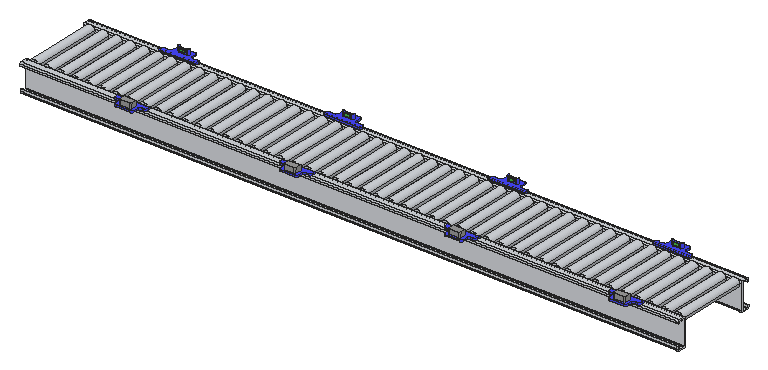
Revit family "C351-2", category Specialty Equipment, Revit 2025
Family settings
  Round Connector Dimension = Use Diameter
  Part Type = Normal
  Work Plane-Based = No
  Enable Cutting in Views = No
  Always vertical = Yes
  Cut with Voids When Loaded = No
  Maintain Annotation Orientation = No
  Shared = No
  Room Calculation Point = No
Parameters (values of type "C351- 18"")
  Weight [instance] = 0
  Version = ""
  Subsystem [instance] = ""
  Special_Part_Number [instance] = ""
  Special_Description [instance] = ""
  Special_Bed [instance] = no
  Segment [instance] = ""
  SIO_Block_Number [instance] = ""
  SENSOR_ARRY_NUM [instance] = round(CLR_BED_LENGTH / CLR_ZONES)  # 4
  SENSOR_ARRY [instance] = CLR_ZONES + CLR_SENSOR_SKEW  # 4' - 4"
  PHOTO_EYE_ARRAY [instance] = CLR_ZONES + CLR_PhotoEye_SP  # 4' - 0"
  Material_Number [instance] = ""
  MCP [instance] = ""
  Lookup Table Name BCL [instance] = "BOTTOM_COVER_BCL"
  Lookup Table Name BCAN [instance] = "BOTTOM_COVER_ARRAY_NUM"
  Lookup Table Name [instance] = "PHOTO_EYE"
  Load_Envelope_Height [instance] = 1' - 0"
  Load_Envelope [instance] = no
  IO_Block_Number [instance] = ""
  Field_Cut [instance] = no
  Estop_Zone [instance] = ""
  Error_State [instance] = no
  Default Elevation = 0' - 0"
  Conveyor_Number [instance] = "100"
  Conveyor_Elevation_Out [instance] = Conveyor_Elevation_In  # 5' - 0"
  Conveyor_Elevation_In [instance] = 5' - 0"
  CLR_ZONE_CONTROL = "N"
  CLR_ZONES [instance] = 3' - 0"
  CLR_VFD = no
  CLR_TE_POSITION = "N"
  CLR_TAKE_UP_SPRING_QUANTITY = 0
  CLR_TAKE_UP = "N"
  CLR_SUBCLASS = ""
  CLR_SPRING_COVER [instance] = no
  CLR_SPEED_FPM = 0
  CLR_SLAVE_RATIO = "N"
  CLR_SENSOR_SKEW [instance] = size_lookup(Lookup Table Name, "CSS", CLR_PhotoEye_SP, CLR_NOMINAL_WIDTH, CLR_ZONES, CLR_SENSOR_ANGLE)  # 1' - 4"
  CLR_SENSOR_MOUNT [instance] = "Side"
  CLR_SENSOR_HAND [instance] = "Left"
  CLR_SENSOR_ANGLE [instance] = 9.00°
  CLR_ROLLER_NUM [instance] = CLR_BED_LENGTH / CLR_ROLLER_CENTER  # 48
  CLR_ROLLER_CENTER [instance] = 0' - 3"
  CLR_PhotoEye_SP [instance] = if(CLR_ZONES = 3' 0", 1' 0", if(CLR_ZONES = 2' 0", 0' 8", 0' 8"))  # 1' - 0"
  CLR_PULLEY_TYPE = "N"
  CLR_POPOUT_CARRYING_ROLLERS [instance] = no
  CLR_NOMINAL_WIDTH + 1" [instance] = CLR_NOMINAL_WIDTH + 0' 1"  # 1' - 7"
  CLR_NOMINAL_WIDTH  -2.5" [instance] = CLR_NOMINAL_WIDTH - 0' 2 1/2"  # 1' - 3 1/2"
  CLR_NOMINAL_WIDTH = 1' - 6"
  CLR_MOTOR_VOLTAGE = "N"
  CLR_MOTOR_TYPE = "N"
  CLR_MOTOR_HP = 0
  CLR_MODULE = ""
  CLR_LIFTER_ROLLER_CENTER [instance] = 0' - 6"
  CLR_FINGER_GUARD [instance] = no
  CLR_DRIVE_TRAIN_TYPE = "N"
  CLR_DRIVE_SIZE = 0
  CLR_CONTROL_VOLTAGE = "N"
  CLR_CONTROL_DEVICE = "N"
  CLR_CONNECTION_KIT = "N"
  CLR_CARRYING_ROLLER [instance] = "Standard\r\nStandard\r\nStandard"
  CLR_BOTTOM_COVERS [instance] = no
  CLR_BED_LENGTH [instance] = if(Bed_Length < 2' 0", 2' 0", if(Bed_Length > 12' 0", 12' 0", Bed_Length))  # 12' - 0"
  CLR_ASSEMBLY_HAND = "N"
  CLR_AIR_BRAKE = 0
  Belting [instance] = 0' - 8"
  Bed_Length [instance] = 12' - 0"
  BOTTOM_COVER_ARRAY_NUM [instance] = size_lookup(Lookup Table Name BCAN, "BCAN", 1, CLR_BED_LENGTH)  # 4
  BOTTOM_COVERS_LOCATION [instance] = BOTTOM_COVERS_LENGTH + BOTTOM_COVERS_LENGTH / 2  # 4' - 6"
  BOTTOM_COVERS_LENGTH [instance] = size_lookup(Lookup Table Name BCL, "BCL", 2' 0", CLR_BED_LENGTH, BOTTOM_COVER_ARRAY_NUM)  # 3' - 0"
  Asset ID [instance] = ""
  Air_Consumption [instance] = 0
Types (6): name | SENSOR_ARRY | Conveyor_Elevation_Out | Conveyor_Elevation_In | CLR_SENSOR_SKEW | CLR_NOMINAL_WIDTH + 1" | CLR_NOMINAL_WIDTH  -2.5" | CLR_NOMINAL_WIDTH
  (no name) | 4' - 4" | 5' - 0" | 5' - 0" | 1' - 4" | 1' - 7" | 1' - 3 1/2" | 1' - 6"
  C351- 18" | 4' - 4" | 5' - 0" | 5' - 0" | 1' - 4" | 1' - 7" | 1' - 3 1/2" | 1' - 6"
  C351- 24" | 4' - 4" | 2' - 7 51/256" | 2' - 7 51/256" | 1' - 4" | 2' - 1" | 1' - 9 1/2" | 2' - 0"
  C351- 30" | 4' - 6" | 2' - 7 51/256" | 2' - 7 51/256" | 1' - 6" | 2' - 7" | 2' - 3 1/2" | 2' - 6"
  C351- 36" | 4' - 6" | 2' - 7 51/256" | 2' - 7 51/256" | 1' - 6" | 3' - 1" | 2' - 9 1/2" | 3' - 0"
  C351- 42" | 4' - 8" | 2' - 7 51/256" | 2' - 7 51/256" | 1' - 8" | 3' - 7" | 3' - 3 1/2" | 3' - 6"
Reference planes (in)
  plane 1 "Centerline": y = 0
  plane 2: z = 0
  plane 3 "Entry_End": x = 0
  plane 4 "Top_of_Roller": z = 60
  plane 5 "Top_of_SideFrame": z = 59.71
  plane 6 "Bot_of_SideFrame": z = 53.71
  plane 7 "LH_Out": y = 9.5
  plane 8 "RH_Out": y = -9.5
  plane 9 "RH_In": y = -7.75
  plane 10 "LH_In": y = 7.75
  plane 11 "Exit_End": x = 144
  plane 12 "PhotoEye_SP": x = 132
  plane 13 "Sensor_Skew": x = 128
  plane 14: x = 60.81944
  plane 15: y = -38.13976
  plane 16: z = 60
  plane 17: z = 72
  plane 18: y = -7.75
  plane 19: y = 7.75
Forms (in)
  Extrusion 1, solid, detail levels coarse+medium
    sketch origin (0, 0, 0) x (0, 1, 0) y (0, 0, 1)
      loop
        line (9.5, 59.71) -> (-9.5, 59.71) -> (-9.5, 53.71) -> (9.5, 53.71) -> (9.5, 59.71)
    from 0 to 144
  Extrusion 2, solid, material "Load Envelope", visible <- "Load_Envelope"
    sketch origin (0, 0, 0) x (0, 1, 0) y (0, 0, 1)
      loop
        line (7.75, 72) -> (-7.75, 72) -> (-7.75, 60) -> (7.75, 60) -> (7.75, 72)
    from 0 to 144
Lines and regions (in)
  model lines, style "Belt"
    curve 1: line (0, 4, 60) -> (144, 4, 60)
    curve 2: line (0, -4, 60) -> (0, 4, 60)
    curve 3: line (144, -4, 60) -> (0, -4, 60)
    curve 4: line (144, 4, 60) -> (144, -4, 60)
  model lines, style "Centerline"
    curve 5: line (0, 0, 60) -> (144, 0, 60)
  model lines, style "Flow Arrow", not visible
    curve 6: line (108.81944, -38.13976, 30) -> (132.81944, -38.13976, 30)
    curve 7: line (132.81944, -38.13976, 30) -> (122.42713, -32.13976, 30)
    curve 8: line (132.81944, -38.13976, 30) -> (122.42713, -44.13976, 30)
Dimensions and locks (in)
  equal spacing: plane 10 "LH_In", plane 1 "Centerline", plane 9 "RH_In"
  "CLR_NOMINAL_WIDTH  -2.5"": plane 10 "LH_In" to plane 9 "RH_In"
  equal spacing: plane 7 "LH_Out", plane 1 "Centerline", plane 8 "RH_Out"
  "CLR_NOMINAL_WIDTH + 1"": plane 7 "LH_Out" to plane 8 "RH_Out"
  "Conveyor_Elevation_In": plane 4 "Top_of_Roller" to level
  locked: plane 4 "Top_of_Roller" to plane 5 "Top_of_SideFrame" at 0.29
  locked: plane 5 "Top_of_SideFrame" to plane 6 "Bot_of_SideFrame" at 6
  locked: nested 1 to plane 6 "Bot_of_SideFrame"
  locked: nested 1 to plane 10 "LH_In"
  locked: plane 6 "Bot_of_SideFrame" to nested 2
  locked: plane 9 "RH_In" to nested 2
  locked: plane 3 "Entry_End" to nested 3 at 1.5
  locked: plane 4 "Top_of_Roller" to nested 3
  equal spacing: group 1, group 2, group 3, group 4, group 5, group 6, group 7, group 8, group 14, group 15, group 16, group 17, group 18, group 19, group 20, group 21, group 22, group 23, group 24, group 25, group 26, group 27, group 28, group 29, group 30, group 31, group 32, group 33, group 34, group 35, group 36, group 37, group 38, group 39, group 40, group 41, group 42, group 43, group 44, group 45, group 46, group 47, group 48, group 49, group 50, group 51, group 52, group 53  (x2)
  equal spacing: group 53, group 52, group 51, group 50, group 49, group 48, group 47, group 46, group 45, group 44, group 43, group 42, group 41, group 40, group 39, group 38, group 37, group 36, group 35, group 34, group 33, group 32, group 31, group 30, group 29, group 28, group 27, group 26, group 25, group 24, group 23, group 22, group 21, group 20, group 19, group 18, group 17, group 16, group 15, group 14, group 8, group 7, group 6, group 5, group 4, group 3, group 2, group 1
  locked: plane 3 "Entry_End" to nested 4 at 4.5
  "CLR_BED_LENGTH": plane 3 "Entry_End" to plane 11 "Exit_End"
  "CLR_PhotoEye_SP": plane 11 "Exit_End" to plane 12 "PhotoEye_SP"
  "CLR_SENSOR_SKEW": plane 11 "Exit_End" to plane 13 "Sensor_Skew"
  equal spacing: group 55, group 54, group 10, group 9  (x3)
  "SENSOR_ARRY": nested 12 to plane 11 "Exit_End"
  locked: plane 5 "Top_of_SideFrame" to nested 11
  locked: plane 8 "RH_Out" to nested 13
  equal spacing: group 57, group 56, group 12, group 11  (x2)
  equal spacing: group 11, group 12, group 56, group 57
  "PHOTO_EYE_ARRAY": nested 14 to plane 11 "Exit_End"
  locked: plane 5 "Top_of_SideFrame" to nested 13
  equal spacing: curve 3, plane 1 "Centerline", curve 1
  "Belting": curve 3 to curve 1
  equal spacing: plane 19, plane 1 "Centerline", plane 18
  "CLR_NOMINAL_WIDTH  -2.5"": plane 19 to plane 18
  "Load_Envelope_Height": plane 17 to plane 16
  locked: plane 8 "RH_Out" to nested 58
  locked: nested 56 to plane 7 "LH_Out"
  locked: plane 3 "Entry_End" to nested 59
  equal spacing: group 58, group 59, group 60, group 61  (x2)
  equal spacing: group 61, group 60, group 59, group 58
  "BOTTOM_COVERS_LOCATION": nested 60 to plane 3 "Entry_End"
  aligned and locked: level to plane 2
  aligned and locked: plane 3 "Entry_End" to nested 1
  aligned and locked: plane 3 "Entry_End" to nested 2
  aligned and locked: plane 1 "Centerline" to nested 3
  aligned and locked: plane 13 "Sensor_Skew" to nested 11
  aligned and locked: plane 7 "LH_Out" to nested 11
  aligned and locked: plane 12 "PhotoEye_SP" to nested 13
  aligned and locked: plane 3 "Entry_End" to curve 2
  aligned and locked: curve 4 to plane 11 "Exit_End"
  aligned and locked: Extrusion 1 to plane 7 "LH_Out"
  aligned and locked: plane 5 "Top_of_SideFrame" to Extrusion 1
  aligned and locked: Extrusion 1 to plane 6 "Bot_of_SideFrame"
  aligned and locked: plane 11 "Exit_End" to Extrusion 1
  aligned and locked: plane 4 "Top_of_Roller" to plane 16
  aligned and locked: plane 17 to Extrusion 2 sketch curve
  aligned and locked: plane 10 "LH_In" to Extrusion 2 sketch curve
  aligned and locked: Extrusion 2 sketch curve to nested 3  (x2)
  aligned and locked: plane 11 "Exit_End" to Extrusion 2
  aligned and locked: plane 4 "Top_of_Roller" to nested 54
  aligned and locked: plane 5 "Top_of_SideFrame" to nested 56
  aligned and locked: plane 5 "Top_of_SideFrame" to nested 58
  aligned and locked: nested 59 to plane 6 "Bot_of_SideFrame"
  aligned and locked: plane 1 "Centerline" to nested 59
  aligned and locked: nested 62 to plane 6 "Bot_of_SideFrame"
Automatic sketch dimensions
  plane 9 "RH_In" to Extrusion 1 sketch curve = 0' - 1 3/4"
  Extrusion 1 sketch curve to plane 10 "LH_In" = 0' - 1 3/4"
  Extrusion 1 sketch curve to plane 6 "Bot_of_SideFrame" = 0' - 0"
  plane 6 "Bot_of_SideFrame" to Extrusion 1 sketch curve = 0' - 6"
  plane 1 "Centerline" to curve 5 = 0' - 0"
Nested families (in)
  nested 1: "SW0024A" at (72, 8.625, 29.71) x (0, -1, 0) z (0, 0, 1), Bed_Length <- "CLR_BED_LENGTH", type "SW0024A", detail levels fine
    with Conveyor_Elevation_In 2' - 6", Bed_Length 12' - 0"
  nested 2: "SW0023A" at (72, -8.625, 29.71) x (0, -1, 0) z (0, 0, 1), Bed_Length <- "CLR_BED_LENGTH", type "SW0023A", detail levels fine
    with Conveyor_Elevation_In 2' - 6", Bed_Length 12' - 0"
  nested 3: "SW0289" at (1.5, 0, 30), B <- "CLR_NOMINAL_WIDTH  -2.5"", type "SW0289", detail levels fine
    with Conveyor_Elevation_In 2' - 6", B 1' - 3 1/2"
  nested 4: "SW0289" at (4.5, 0, 30), B <- "CLR_NOMINAL_WIDTH  -2.5"", type "SW0289", detail levels fine
    with Conveyor_Elevation_In 2' - 6", B 1' - 3 1/2"
  nested 5: "SW0289" at (7.5, 0, 30), B <- "CLR_NOMINAL_WIDTH  -2.5"", type "SW0289", detail levels fine
    with Conveyor_Elevation_In 2' - 6", B 1' - 3 1/2"
  nested 6: "SW0289" at (10.5, 0, 30), B <- "CLR_NOMINAL_WIDTH  -2.5"", type "SW0289", detail levels fine
    with Conveyor_Elevation_In 2' - 6", B 1' - 3 1/2"
  nested 7: "SW0289" at (13.5, 0, 30), B <- "CLR_NOMINAL_WIDTH  -2.5"", type "SW0289", detail levels fine
    with Conveyor_Elevation_In 2' - 6", B 1' - 3 1/2"
  nested 8: "SW0289" at (16.5, 0, 30), B <- "CLR_NOMINAL_WIDTH  -2.5"", type "SW0289", detail levels fine
    with Conveyor_Elevation_In 2' - 6", B 1' - 3 1/2"
  nested 9: "SW0289" at (19.5, 0, 30), B <- "CLR_NOMINAL_WIDTH  -2.5"", type "SW0289", detail levels fine
    with Conveyor_Elevation_In 2' - 6", B 1' - 3 1/2"
  nested 10: "SW0289" at (22.5, 0, 30), B <- "CLR_NOMINAL_WIDTH  -2.5"", type "SW0289", detail levels fine
    with Conveyor_Elevation_In 2' - 6", B 1' - 3 1/2"
  nested 11: "SW0014" at (128, 9.5, 29.99906), type "SW0014"
  nested 12: "SW0014" at (92, 9.5, 29.99906), type "SW0014"
  nested 13: "SW0037-01" at (132, -9.5, 29.99906), type "SW0037-01"
    with Conveyor_Elevation_In 2' - 5 91/128"
  nested 14: "SW0037-01" at (96, -9.5, 29.99906), type "SW0037-01"
    with Conveyor_Elevation_In 2' - 5 91/128"
  nested 15: "SW0289" at (25.5, 0, 30), B <- "CLR_NOMINAL_WIDTH  -2.5"", type "SW0289", detail levels fine
    with Conveyor_Elevation_In 2' - 6", B 1' - 3 1/2"
  nested 16: "SW0289" at (28.5, 0, 30), B <- "CLR_NOMINAL_WIDTH  -2.5"", type "SW0289", detail levels fine
    with Conveyor_Elevation_In 2' - 6", B 1' - 3 1/2"
  nested 17: "SW0289" at (31.5, 0, 30), B <- "CLR_NOMINAL_WIDTH  -2.5"", type "SW0289", detail levels fine
    with Conveyor_Elevation_In 2' - 6", B 1' - 3 1/2"
  nested 18: "SW0289" at (34.5, 0, 30), B <- "CLR_NOMINAL_WIDTH  -2.5"", type "SW0289", detail levels fine
    with Conveyor_Elevation_In 2' - 6", B 1' - 3 1/2"
  nested 19: "SW0289" at (37.5, 0, 30), B <- "CLR_NOMINAL_WIDTH  -2.5"", type "SW0289", detail levels fine
    with Conveyor_Elevation_In 2' - 6", B 1' - 3 1/2"
  nested 20: "SW0289" at (40.5, 0, 30), B <- "CLR_NOMINAL_WIDTH  -2.5"", type "SW0289", detail levels fine
    with Conveyor_Elevation_In 2' - 6", B 1' - 3 1/2"
  nested 21: "SW0289" at (43.5, 0, 30), B <- "CLR_NOMINAL_WIDTH  -2.5"", type "SW0289", detail levels fine
    with Conveyor_Elevation_In 2' - 6", B 1' - 3 1/2"
  nested 22: "SW0289" at (46.5, 0, 30), B <- "CLR_NOMINAL_WIDTH  -2.5"", type "SW0289", detail levels fine
    with Conveyor_Elevation_In 2' - 6", B 1' - 3 1/2"
  nested 23: "SW0289" at (49.5, 0, 30), B <- "CLR_NOMINAL_WIDTH  -2.5"", type "SW0289", detail levels fine
    with Conveyor_Elevation_In 2' - 6", B 1' - 3 1/2"
  nested 24: "SW0289" at (52.5, 0, 30), B <- "CLR_NOMINAL_WIDTH  -2.5"", type "SW0289", detail levels fine
    with Conveyor_Elevation_In 2' - 6", B 1' - 3 1/2"
  nested 25: "SW0289" at (55.5, 0, 30), B <- "CLR_NOMINAL_WIDTH  -2.5"", type "SW0289", detail levels fine
    with Conveyor_Elevation_In 2' - 6", B 1' - 3 1/2"
  nested 26: "SW0289" at (58.5, 0, 30), B <- "CLR_NOMINAL_WIDTH  -2.5"", type "SW0289", detail levels fine
    with Conveyor_Elevation_In 2' - 6", B 1' - 3 1/2"
  nested 27: "SW0289" at (61.5, 0, 30), B <- "CLR_NOMINAL_WIDTH  -2.5"", type "SW0289", detail levels fine
    with Conveyor_Elevation_In 2' - 6", B 1' - 3 1/2"
  nested 28: "SW0289" at (64.5, 0, 30), B <- "CLR_NOMINAL_WIDTH  -2.5"", type "SW0289", detail levels fine
    with Conveyor_Elevation_In 2' - 6", B 1' - 3 1/2"
  nested 29: "SW0289" at (67.5, 0, 30), B <- "CLR_NOMINAL_WIDTH  -2.5"", type "SW0289", detail levels fine
    with Conveyor_Elevation_In 2' - 6", B 1' - 3 1/2"
  nested 30: "SW0289" at (70.5, 0, 30), B <- "CLR_NOMINAL_WIDTH  -2.5"", type "SW0289", detail levels fine
    with Conveyor_Elevation_In 2' - 6", B 1' - 3 1/2"
  nested 31: "SW0289" at (73.5, 0, 30), B <- "CLR_NOMINAL_WIDTH  -2.5"", type "SW0289", detail levels fine
    with Conveyor_Elevation_In 2' - 6", B 1' - 3 1/2"
  nested 32: "SW0289" at (76.5, 0, 30), B <- "CLR_NOMINAL_WIDTH  -2.5"", type "SW0289", detail levels fine
    with Conveyor_Elevation_In 2' - 6", B 1' - 3 1/2"
  nested 33: "SW0289" at (79.5, 0, 30), B <- "CLR_NOMINAL_WIDTH  -2.5"", type "SW0289", detail levels fine
    with Conveyor_Elevation_In 2' - 6", B 1' - 3 1/2"
  nested 34: "SW0289" at (82.5, 0, 30), B <- "CLR_NOMINAL_WIDTH  -2.5"", type "SW0289", detail levels fine
    with Conveyor_Elevation_In 2' - 6", B 1' - 3 1/2"
  nested 35: "SW0289" at (85.5, 0, 30), B <- "CLR_NOMINAL_WIDTH  -2.5"", type "SW0289", detail levels fine
    with Conveyor_Elevation_In 2' - 6", B 1' - 3 1/2"
  nested 36: "SW0289" at (88.5, 0, 30), B <- "CLR_NOMINAL_WIDTH  -2.5"", type "SW0289", detail levels fine
    with Conveyor_Elevation_In 2' - 6", B 1' - 3 1/2"
  nested 37: "SW0289" at (91.5, 0, 30), B <- "CLR_NOMINAL_WIDTH  -2.5"", type "SW0289", detail levels fine
    with Conveyor_Elevation_In 2' - 6", B 1' - 3 1/2"
  nested 38: "SW0289" at (94.5, 0, 30), B <- "CLR_NOMINAL_WIDTH  -2.5"", type "SW0289", detail levels fine
    with Conveyor_Elevation_In 2' - 6", B 1' - 3 1/2"
  nested 39: "SW0289" at (97.5, 0, 30), B <- "CLR_NOMINAL_WIDTH  -2.5"", type "SW0289", detail levels fine
    with Conveyor_Elevation_In 2' - 6", B 1' - 3 1/2"
  nested 40: "SW0289" at (100.5, 0, 30), B <- "CLR_NOMINAL_WIDTH  -2.5"", type "SW0289", detail levels fine
    with Conveyor_Elevation_In 2' - 6", B 1' - 3 1/2"
  nested 41: "SW0289" at (103.5, 0, 30), B <- "CLR_NOMINAL_WIDTH  -2.5"", type "SW0289", detail levels fine
    with Conveyor_Elevation_In 2' - 6", B 1' - 3 1/2"
  nested 42: "SW0289" at (106.5, 0, 30), B <- "CLR_NOMINAL_WIDTH  -2.5"", type "SW0289", detail levels fine
    with Conveyor_Elevation_In 2' - 6", B 1' - 3 1/2"
  nested 43: "SW0289" at (109.5, 0, 30), B <- "CLR_NOMINAL_WIDTH  -2.5"", type "SW0289", detail levels fine
    with Conveyor_Elevation_In 2' - 6", B 1' - 3 1/2"
  nested 44: "SW0289" at (112.5, 0, 30), B <- "CLR_NOMINAL_WIDTH  -2.5"", type "SW0289", detail levels fine
    with Conveyor_Elevation_In 2' - 6", B 1' - 3 1/2"
  nested 45: "SW0289" at (115.5, 0, 30), B <- "CLR_NOMINAL_WIDTH  -2.5"", type "SW0289", detail levels fine
    with Conveyor_Elevation_In 2' - 6", B 1' - 3 1/2"
  nested 46: "SW0289" at (118.5, 0, 30), B <- "CLR_NOMINAL_WIDTH  -2.5"", type "SW0289", detail levels fine
    with Conveyor_Elevation_In 2' - 6", B 1' - 3 1/2"
  nested 47: "SW0289" at (121.5, 0, 30), B <- "CLR_NOMINAL_WIDTH  -2.5"", type "SW0289", detail levels fine
    with Conveyor_Elevation_In 2' - 6", B 1' - 3 1/2"
  nested 48: "SW0289" at (124.5, 0, 30), B <- "CLR_NOMINAL_WIDTH  -2.5"", type "SW0289", detail levels fine
    with Conveyor_Elevation_In 2' - 6", B 1' - 3 1/2"
  nested 49: "SW0289" at (127.5, 0, 30), B <- "CLR_NOMINAL_WIDTH  -2.5"", type "SW0289", detail levels fine
    with Conveyor_Elevation_In 2' - 6", B 1' - 3 1/2"
  nested 50: "SW0289" at (130.5, 0, 30), B <- "CLR_NOMINAL_WIDTH  -2.5"", type "SW0289", detail levels fine
    with Conveyor_Elevation_In 2' - 6", B 1' - 3 1/2"
  nested 51: "SW0289" at (133.5, 0, 30), B <- "CLR_NOMINAL_WIDTH  -2.5"", type "SW0289", detail levels fine
    with Conveyor_Elevation_In 2' - 6", B 1' - 3 1/2"
  nested 52: "SW0289" at (136.5, 0, 30), B <- "CLR_NOMINAL_WIDTH  -2.5"", type "SW0289", detail levels fine
    with Conveyor_Elevation_In 2' - 6", B 1' - 3 1/2"
  nested 53: "SW0289" at (139.5, 0, 30), B <- "CLR_NOMINAL_WIDTH  -2.5"", type "SW0289", detail levels fine
    with Conveyor_Elevation_In 2' - 6", B 1' - 3 1/2"
  nested 54: "SW0289" at (142.5, 0, 30), B <- "CLR_NOMINAL_WIDTH  -2.5"", type "SW0289", detail levels fine
    with Conveyor_Elevation_In 2' - 6", B 1' - 3 1/2"
  nested 55: "SW0014" at (56, 9.5, 29.99906), type "SW0014"
  nested 56: "SW0014" at (20, 9.5, 29.99906), type "SW0014"
  nested 57: "SW0037-01" at (60, -9.5, 29.99906), type "SW0037-01"
    with Conveyor_Elevation_In 2' - 5 91/128"
  nested 58: "SW0037-01" at (24, -9.5, 29.99906), type "SW0037-01"
    with Conveyor_Elevation_In 2' - 5 91/128"
  nested 59: "SW0046" at (18, 0, 30), CLR_NOMINAL_WIDTH <- "CLR_NOMINAL_WIDTH  -2.5"", bottom cover length <- "BOTTOM_COVERS_LENGTH", visible <- "CLR_BOTTOM_COVERS", type "SW0046", detail levels fine
    with bottom cover length 36.000", Nominal wedith 15.268", CLR_NOMINAL_WIDTH 1' - 3 1/2"
  nested 60: "SW0046" at (54, 0, 30), CLR_NOMINAL_WIDTH <- "CLR_NOMINAL_WIDTH  -2.5"", bottom cover length <- "BOTTOM_COVERS_LENGTH", visible <- "CLR_BOTTOM_COVERS", type "SW0046", detail levels fine
    with bottom cover length 36.000", Nominal wedith 15.268", CLR_NOMINAL_WIDTH 1' - 3 1/2"
  nested 61: "SW0046" at (90, 0, 30), CLR_NOMINAL_WIDTH <- "CLR_NOMINAL_WIDTH  -2.5"", bottom cover length <- "BOTTOM_COVERS_LENGTH", visible <- "CLR_BOTTOM_COVERS", type "SW0046", detail levels fine
    with bottom cover length 36.000", Nominal wedith 15.268", CLR_NOMINAL_WIDTH 1' - 3 1/2"
  nested 62: "SW0046" at (126, 0, 30), CLR_NOMINAL_WIDTH <- "CLR_NOMINAL_WIDTH  -2.5"", bottom cover length <- "BOTTOM_COVERS_LENGTH", visible <- "CLR_BOTTOM_COVERS", type "SW0046", detail levels fine
    with bottom cover length 36.000", Nominal wedith 15.268", CLR_NOMINAL_WIDTH 1' - 3 1/2"
Connectors (in)
  cabletrayconduit at (144, 0, 56.71), diameter 6
    settings: on Extrusion 1, index 1, connector width 1' - 0", connector height 1' - 0", connector angle 0.00°, system type 32, placement type 0, profile type 0, connector reference index -1, is primary connector yes, connector utility param no, connector description ""
  cabletrayconduit at (0, 0, 56.71), diameter 6
    settings: on Extrusion 1, index 2, connector width 1' - 0", connector height 1' - 0", connector angle 0.00°, system type 32, placement type 0, profile type 0, connector reference index -1, is primary connector no, connector utility param no, connector description ""
Definition of nested family "SW0024A"
  Parameters (values of type "SW0024A")
    Description = "SW0001A - 6.00 X 1.75 X \"A\" LG"
    Default Elevation = 0' - 0"
    Conveyor_Elevation_In [instance] = 2' - 6"
    Bed_Length [instance] = 12' - 0"
  Reference planes (in)
    plane 1 "Center (Front/Back)": y = 0
    plane 2: z = 0
    plane 3 "Centerline": x = 0
    plane 4 "Bot_of_SideFrame": z = 24
    plane 5 "Top_of_SideFrame": z = 30
    plane 6 "LH_Out": x = 0.875
    plane 7 "LH_In": x = -0.875
    plane 8 "Entry_End": y = -72
    plane 9 "Exit_End": y = 72
  Forms (in)
    Extrusion 1, solid
      sketch origin (0, 0, 0) x (1, 0, 0) y (0, 0, 1)
        loop
          arc (-0.615, 30) -> (-0.79885, 29.92385) -> (-0.875, 29.74) r 0.26
          line (-0.875, 29.74) -> (-0.875, 29.25) -> (-0.74609, 29.25) -> (-0.74609, 29.75109)
          arc (-0.74609, 29.75109) -> (-0.71095, 29.83595) -> (-0.62609, 29.87109) r 0.12
          line (-0.62609, 29.87109) -> (0.62609, 29.87109)
          arc (0.62609, 29.87109) -> (0.71095, 29.83595) -> (0.74609, 29.75109) r 0.12
          line (0.74609, 29.75109) -> (0.74609, 24.24891)
          arc (0.74609, 24.24891) -> (0.71095, 24.16405) -> (0.62609, 24.12891) r 0.12
          line (0.62609, 24.12891) -> (-0.62609, 24.12891)
          arc (-0.62609, 24.12891) -> (-0.71095, 24.16405) -> (-0.74609, 24.24891) r 0.12
          line (-0.74609, 24.24891) -> (-0.74609, 24.75) -> (-0.875, 24.75) -> (-0.875, 24.26)
          arc (-0.875, 24.26) -> (-0.79885, 24.07615) -> (-0.615, 24) r 0.26
          line (-0.615, 24) -> (0.615, 24)
          arc (0.615, 24) -> (0.79885, 24.07615) -> (0.875, 24.26) r 0.26
          line (0.875, 24.26) -> (0.875, 29.74)
          arc (0.875, 29.74) -> (0.79885, 29.92385) -> (0.615, 30) r 0.26
          line (0.615, 30) -> (-0.615, 30)
      from -72 to 72
  Dimensions and locks (in)
    "Conveyor_Elevation_In": plane 5 "Top_of_SideFrame" to level
    locked: plane 5 "Top_of_SideFrame" to plane 4 "Bot_of_SideFrame" at 6
    equal spacing: plane 6 "LH_Out", plane 3 "Centerline", plane 7 "LH_In"
    plane 6 "LH_Out" to plane 7 "LH_In" = 0' - 1 3/4"
    plane 6 "LH_Out" to plane 3 "Centerline" = 0' - 0 7/8"
    equal spacing: plane 9 "Exit_End", plane 1 "Center (Front/Back)", plane 8 "Entry_End"
    "Bed_Length": plane 9 "Exit_End" to plane 8 "Entry_End"
    aligned and locked: plane 2 to level
    aligned and locked: Extrusion 1 sketch curve to plane 5 "Top_of_SideFrame"
    aligned and locked: plane 7 "LH_In" to Extrusion 1 sketch curve
    aligned and locked: plane 4 "Bot_of_SideFrame" to Extrusion 1 sketch curve
    aligned and locked: plane 6 "LH_Out" to Extrusion 1 sketch curve
    aligned and locked: Extrusion 1 to plane 8 "Entry_End"
    aligned and locked: plane 9 "Exit_End" to Extrusion 1
  Automatic sketch dimensions
    Extrusion 1 sketch curve to plane 7 "LH_In" = 0' - 0"
    Extrusion 1 sketch curve to Extrusion 1 sketch curve = 0' - 0 33/256"  (x2)
    Extrusion 1 sketch curve to Extrusion 1 sketch curve = 0' - 0.12"  (x3)
    Extrusion 1 sketch curve to Extrusion 1 sketch curve = 0' - 0.01109"  (x5)
    Extrusion 1 sketch curve to plane 5 "Top_of_SideFrame" = 0' - 0.26"
    plane 6 "LH_Out" to Extrusion 1 sketch curve = 0' - 0.26"
    plane 4 "Bot_of_SideFrame" to Extrusion 1 sketch curve = 0' - 0 33/256"
    Extrusion 1 sketch curve to Extrusion 1 sketch curve = 0' - 0.49"  (x2)
Definition of nested family "SW0023A"
  Parameters (values of type "SW0023A")
    Description = "SW0001A - 6.00 X 1.75 X \"A\" LG"
    Default Elevation = 0' - 0"
    Conveyor_Elevation_In [instance] = 2' - 6"
    Bed_Length [instance] = 12' - 0"
  Reference planes (in)
    plane 1 "Center (Front/Back)": y = 0
    plane 2: z = 0
    plane 3 "CenterLine": x = 0
    plane 4 "Bot_of_SideFrame": z = 24
    plane 5 "Top_of_SideFrame": z = 30
    plane 6 "RH_OUT": x = 0.875
    plane 7 "RH_IN": x = -0.875
    plane 8 "Entry_End": y = -72
    plane 9 "Exit_End": y = 72
  Forms (in)
    Extrusion 1, solid
      sketch origin (0, 0, 0) x (1, 0, 0) y (0, 0, 1)
        loop
          arc (-0.615, 30) -> (-0.79885, 29.92385) -> (-0.875, 29.74) r 0.26
          line (-0.875, 29.74) -> (-0.875, 24.26)
          arc (-0.875, 24.26) -> (-0.79885, 24.07615) -> (-0.615, 24) r 0.26
          line (-0.615, 24) -> (0.615, 24)
          arc (0.615, 24) -> (0.79885, 24.07615) -> (0.875, 24.26) r 0.26
          line (0.875, 24.26) -> (0.875, 24.75) -> (0.74219, 24.75) -> (0.74219, 24.25281)
          arc (0.74219, 24.25281) -> (0.70704, 24.16796) -> (0.62219, 24.13281) r 0.12
          line (0.62219, 24.13281) -> (-0.62219, 24.13281)
          arc (-0.62219, 24.13281) -> (-0.70704, 24.16796) -> (-0.74219, 24.25281) r 0.12
          line (-0.74219, 24.25281) -> (-0.74219, 29.74719)
          arc (-0.74219, 29.74719) -> (-0.70704, 29.83204) -> (-0.62219, 29.86719) r 0.12
          line (-0.62219, 29.86719) -> (0.62219, 29.86719)
          arc (0.62219, 29.86719) -> (0.70704, 29.83204) -> (0.74219, 29.74719) r 0.12
          line (0.74219, 29.74719) -> (0.74219, 29.25) -> (0.875, 29.25) -> (0.875, 29.74)
          arc (0.875, 29.74) -> (0.79885, 29.92385) -> (0.615, 30) r 0.26
          line (0.615, 30) -> (-0.615, 30)
      from -72 to 72
  Dimensions and locks (in)
    equal spacing: plane 6 "RH_OUT", plane 3 "CenterLine", plane 7 "RH_IN", locked at 0.875 each
    "Conveyor_Elevation_In": plane 5 "Top_of_SideFrame" to level
    locked: plane 5 "Top_of_SideFrame" to plane 4 "Bot_of_SideFrame" at 6
    plane 6 "RH_OUT" to plane 7 "RH_IN" = 0' - 1 3/4"
    equal spacing: plane 9 "Exit_End", plane 1 "Center (Front/Back)", plane 8 "Entry_End"
    "Bed_Length": plane 9 "Exit_End" to plane 8 "Entry_End"
    aligned and locked: plane 2 to level
    aligned and locked: Extrusion 1 to plane 8 "Entry_End"
    aligned and locked: plane 9 "Exit_End" to Extrusion 1
  Automatic sketch dimensions
    Extrusion 1 sketch curve to plane 7 "RH_IN" = 0' - 0"
    Extrusion 1 sketch curve to plane 4 "Bot_of_SideFrame" = 0' - 0"
    Extrusion 1 sketch curve to plane 5 "Top_of_SideFrame" = 0' - 0"
    Extrusion 1 sketch curve to plane 6 "RH_OUT" = 0' - 0"  (x2)
    Extrusion 1 sketch curve to Extrusion 1 sketch curve = 0' - 0.12"  (x3)
    Extrusion 1 sketch curve to Extrusion 1 sketch curve = 0' - 0.00719"  (x9)
    Extrusion 1 sketch curve to plane 6 "RH_OUT" = 0' - 0 17/128"
    Extrusion 1 sketch curve to Extrusion 1 sketch curve = 0' - 0.12719"
    Extrusion 1 sketch curve to Extrusion 1 sketch curve = 0' - 0.49719"
    Extrusion 1 sketch curve to Extrusion 1 sketch curve = 0' - 0.49"
    Extrusion 1 sketch curve to Extrusion 1 sketch curve = 0' - 0"
    plane 7 "RH_IN" to Extrusion 1 sketch curve = 0' - 0 17/128"
Definition of nested family "SW0289"
  Parameters (values of type "SW0289")
    Default Elevation = 0' - 0"
    Conveyor_Elevation_In [instance] = 2' - 6"
    B [instance] = 2' - 3 1/2"
  Reference planes (in)
    plane 1 "Center (Front/Back)": y = 0
    plane 2: z = 0
    plane 3 "Center (Left/Right)": x = 0
    plane 4 "Top_of_Roller": z = 30
    plane 5 "RH_In": y = -13.75
    plane 6 "LH_In": y = 13.75
    plane 7: z = 29.0625
  Forms (in)
    Extrusion 1, solid
      sketch origin (0, 0, 1.0625) x (1, 0, 0) y (0, 0, 1)
        loop
          circle (0, 28) r 0.9375
      from -13.75 to 13.75
  Dimensions and locks (in)
    "Conveyor_Elevation_In": plane 4 "Top_of_Roller" to level
    plane 4 "Top_of_Roller" to Extrusion 1 sketch curve = 0' - 0 15/16"
    equal spacing: plane 6 "LH_In", plane 1 "Center (Front/Back)", plane 5 "RH_In"
    "B": plane 6 "LH_In" to plane 5 "RH_In"
    locked: plane 4 "Top_of_Roller" to plane 7 at 0.9375
    diameter of Extrusion 1 sketch curve = 0' - 1 7/8"
    aligned and locked: level to plane 2
    aligned and locked: Extrusion 1 to plane 5 "RH_In"
    aligned and locked: plane 6 "LH_In" to Extrusion 1
    aligned and locked: plane 7 to Extrusion 1
  Automatic sketch dimensions
    Extrusion 1 sketch curve to plane 3 "Center (Left/Right)" = 0' - 0"
Definition of nested family "SW0014"
  Parameters (values of type "SW0014")
    Default Elevation = 4' - 0"
    Conveyor_Elevation_In = 2' - 5 91/128"
  Reference planes (in)
    plane 1 "Center (Front/Back)": y = 0
    plane 2: z = 0
    plane 3 "Center (Left/Right)": x = 0
    plane 4: y = 1.88
    plane 5: x = 4
    plane 6: x = -4
    plane 7: y = -1.13
    plane 8: x = -1.25
    plane 9: x = 1.25
    plane 10: z = 30.47656
    plane 11 "Top_of_SideFrame": z = 29.71094
  Forms (in)
    Extrusion 1, solid
      sketch origin (0, 0, 0) x (1, 0, 0) y (0, 1, 0)
        loop
          line (-4, -1.13) -> (4, -1.13) -> (4, -0.5)
          arc (4, -0.5) -> (3.85355, -0.14645) -> (3.5, 0) r 0.5
          line (3.5, 0) -> (2.5, 0)
          arc (2.5, 0) -> (2.14645, 0.14645) -> (2, 0.5) r 0.5
          line (2, 0.5) -> (2, 1.38)
          arc (2, 1.38) -> (1.85355, 1.73355) -> (1.5, 1.88) r 0.5
          line (1.5, 1.88) -> (-1.5, 1.88)
          arc (-1.5, 1.88) -> (-1.85355, 1.73355) -> (-2, 1.38) r 0.5
          line (-2, 1.38) -> (-2, 0.5)
          arc (-2, 0.5) -> (-2.14645, 0.14645) -> (-2.5, 0) r 0.5
          line (-2.5, 0) -> (-3.5, 0)
          arc (-3.5, 0) -> (-3.85355, -0.14645) -> (-4, -0.5) r 0.5
          line (-4, -0.5) -> (-4, -1.13)
      from 29.71094 to 30
    Extrusion 2, solid
      sketch origin (0, 0, 30) x (1, 0, 0) y (0, 1, 0)
        loop
          line (-1.25, 0.75) -> (-0.96967, 0.46967)
          arc (-0.96967, 0.46967) -> (-0.88856, 0.41548) -> (-0.79289, 0.39645) r 0.25
          line (-0.79289, 0.39645) -> (0.79289, 0.39645)
          arc (0.79289, 0.39645) -> (0.88856, 0.41548) -> (0.96967, 0.46967) r 0.25
          line (0.96967, 0.46967) -> (1.25, 0.75) -> (1.11261, 0.88739) -> (0.88919, 0.66397)
          arc (0.88919, 0.66397) -> (0.80808, 0.60978) -> (0.71241, 0.59075) r 0.25
          line (0.71241, 0.59075) -> (-0.71241, 0.59075)
          arc (-0.71241, 0.59075) -> (-0.80808, 0.60978) -> (-0.88919, 0.66397) r 0.25
          line (-0.88919, 0.66397) -> (-1.11261, 0.88739) -> (-1.25, 0.75)
      from 0 to 0.94922
    Extrusion 3, solid
      sketch origin (0.89645, 0.39645, 29.47656) x (-1, 0, 0) y (0, 0, -1)
        loop
          line (1.39645, -1.26562) -> (1.39645, -0.73437) -> (0.39645, -0.73437) -> (0.39645, -1.26562) -> (1.39645, -1.26562)
      from 0 to 0.06578
  Dimensions and locks (in)
    equal spacing: plane 6, plane 3 "Center (Left/Right)", plane 5
    equal spacing: Extrusion 1 sketch curve, plane 3 "Center (Left/Right)", Extrusion 1 sketch curve
    equal spacing: Extrusion 3 sketch curve, plane 3 "Center (Left/Right)", Extrusion 3 sketch curve
    equal spacing: Extrusion 3 sketch curve, plane 10, Extrusion 3 sketch curve
    Extrusion 3 sketch curve to Extrusion 3 sketch curve = 0' - 1"
    Extrusion 3 sketch curve to Extrusion 3 sketch curve = 0' - 0 17/32"
    Extrusion 1 sketch curve to Extrusion 1 sketch curve = 0' - 4"
    plane 1 "Center (Front/Back)" to plane 4 = 0' - 1.88"
    plane 6 to plane 5 = 0' - 8"
    plane 1 "Center (Front/Back)" to plane 7 = 0' - 1.13"
    "Conveyor_Elevation_In": plane 11 "Top_of_SideFrame" to level
    locked: Extrusion 1 to plane 11 "Top_of_SideFrame" at 0.28906
    locked: Extrusion 1 to Extrusion 3 at 0.5
    aligned and locked: plane 2 to level
    aligned and locked: Extrusion 1 sketch curve to plane 4
    aligned and locked: plane 5 to Extrusion 1 sketch curve
    aligned and locked: Extrusion 1 sketch curve to plane 7
    aligned and locked: plane 11 "Top_of_SideFrame" to Extrusion 1
  Automatic sketch dimensions
    Extrusion 1 sketch curve to plane 6 = 0' - 0"
    plane 1 "Center (Front/Back)" to Extrusion 1 sketch curve = 0' - 0"  (x2)
    Extrusion 1 sketch curve to Extrusion 1 sketch curve = 0' - 0 1/2"  (x4)
    Extrusion 1 sketch curve to plane 1 "Center (Front/Back)" = 0' - 0 1/2"
    Extrusion 1 sketch curve to plane 4 = 0' - 0 1/2"
    Extrusion 2 sketch curve to Extrusion 1 = 0' - 0 3/4"
    Extrusion 2 sketch curve to Extrusion 2 sketch curve = 0' - 0.13739"
    Extrusion 1 to Extrusion 2 sketch curve = 0' - 0.46967"  (x2)
    Extrusion 2 sketch curve to Extrusion 2 sketch curve = 0' - 0.28033"
    Extrusion 1 to Extrusion 2 sketch curve = 0' - 0.66397"  (x2)
    Extrusion 2 sketch curve to Extrusion 2 sketch curve = 0' - 0.08048"  (x3)
    Extrusion 2 sketch curve to Extrusion 2 sketch curve = 0' - 0.17678"  (x2)
    Extrusion 2 sketch curve to Extrusion 1 = 0' - 1.28759"
    Extrusion 2 sketch curve to Extrusion 2 sketch curve = 0' - 0.0963"
    Extrusion 2 sketch curve to Extrusion 2 sketch curve = 0' - 0.22342"
    Extrusion 1 to Extrusion 2 sketch curve = 0' - 0 3/4"
    Extrusion 2 sketch curve to Extrusion 2 sketch curve = 0' - 0.07322"
    Extrusion 2 sketch curve to Extrusion 2 sketch curve = 0' - 0.0557"
Definition of nested family "SW0037-01"
  Parameters (values of type "SW0037-01")
    Default Elevation = 4' - 0"
    Conveyor_Elevation_In [instance] = 2' - 5 91/128"
  Reference planes (in)
    plane 1 "Center (Front/Back)": y = 0
    plane 2: z = 0
    plane 3 "Center (Left/Right)": x = 0
    plane 4: y = -1.87
    plane 5: x = -3.5
    plane 6: x = 3.5
    plane 7: y = 1.13
    plane 8: y = 0.6875
    plane 9: z = 1.09766
    plane 10 "Top_of_SideFrame": z = 29.71094
  Forms (in)
    Extrusion 1, solid
      sketch origin (0, 0, 0) x (-1, 0, 0) y (0, -1, 0)
        loop
          line (-3.5, -0.5) -> (-3.5, -1.13) -> (3.5, -1.13) -> (3.5, -0.5)
          arc (3.5, -0.5) -> (3.35355, -0.14645) -> (3, 0) r 0.5
          line (3, 0) -> (2.5, 0)
          arc (2.5, 0) -> (2.14645, 0.14645) -> (2, 0.5) r 0.5
          line (2, 0.5) -> (2, 1.37)
          arc (2, 1.37) -> (1.85355, 1.72355) -> (1.5, 1.87) r 0.5
          line (1.5, 1.87) -> (-1.5, 1.87)
          arc (-1.5, 1.87) -> (-1.85355, 1.72355) -> (-2, 1.37) r 0.5
          line (-2, 1.37) -> (-2, 0.5)
          arc (-2, 0.5) -> (-2.14645, 0.14645) -> (-2.5, 0) r 0.5
          line (-2.5, 0) -> (-3, 0)
          arc (-3, 0) -> (-3.35355, -0.14645) -> (-3.5, -0.5) r 0.5
      from 29.71094 to 30
    Extrusion 2, solid
      sketch origin (0, 0, 0) x (1, 0, 0) y (0, 1, 0)
        loop
          line (-1.25, 0) -> (-1.25, -1.125)
          arc (-1.25, -1.125) -> (-1.17678, -1.30178) -> (-1, -1.375) r 0.25
          line (-1, -1.375) -> (1, -1.375)
          arc (1, -1.375) -> (1.17678, -1.30178) -> (1.25, -1.125) r 0.25
          line (1.25, -1.125) -> (1.25, 0) -> (-1.25, 0)
      from 30 to 31.05078
    Extrusion 3, solid
      sketch origin (-1.36459, 0, 0) x (1, 0, 0) y (0, 0, -1)
        loop
          circle (1.36459, -30.55078) r 0.25
      from 0 to 0.08951
  Dimensions and locks (in)
    equal spacing: Extrusion 1 sketch curve, plane 3 "Center (Left/Right)", Extrusion 1 sketch curve
    equal spacing: Extrusion 2 sketch curve, plane 3 "Center (Left/Right)", Extrusion 2 sketch curve
    locked: plane 4 to plane 1 "Center (Front/Back)" at 1.87
    plane 1 "Center (Front/Back)" to Extrusion 1 sketch curve = 0' - 1.13"
    equal spacing: plane 5, plane 3 "Center (Left/Right)", plane 6
    plane 5 to plane 6 = 0' - 7"
    Extrusion 1 sketch curve to Extrusion 1 sketch curve = 0' - 4"
    "Conveyor_Elevation_In": plane 10 "Top_of_SideFrame" to level
    Extrusion 2 to Extrusion 3 sketch curve = 0' - 0 1/2"
    aligned and locked: plane 2 to level
    aligned and locked: Extrusion 1 sketch curve to plane 4
  Automatic sketch dimensions
    Extrusion 1 sketch curve to plane 6 = 0' - 0"
    plane 1 "Center (Front/Back)" to Extrusion 1 sketch curve = 0' - 0"  (x2)
    Extrusion 1 sketch curve to plane 5 = 0' - 0"
    plane 6 to Extrusion 1 sketch curve = 0' - 0 1/2"
    Extrusion 1 sketch curve to Extrusion 1 sketch curve = 0' - 0 1/2"  (x3)
    Extrusion 1 sketch curve to plane 4 = 0' - 0 1/2"
    Extrusion 1 sketch curve to plane 8 = 0' - 0 3/16"
    plane 1 "Center (Front/Back)" to Extrusion 2 sketch curve = 0' - 0"
    Extrusion 2 sketch curve to plane 3 "Center (Left/Right)" = 0' - 1 1/4"
    Extrusion 2 sketch curve to Extrusion 2 sketch curve = 0' - 0 1/4"  (x2)
    plane 1 "Center (Front/Back)" to Extrusion 2 sketch curve = 0' - 1 1/8"
    Extrusion 3 sketch curve to Extrusion 2 = 0' - 1 1/4"
    radius of Extrusion 3 sketch curve = 0' - 0 1/4"
Definition of nested family "SW0046"
  Parameters (values of type "SW0046")
    Default Elevation = 0' - 0"
    bottom cover length [instance] = 36.000"
    Nominal wedith [instance] = CLR_NOMINAL_WIDTH - 0.116" - 0.116"  # 11.768"
    CLR_NOMINAL_WIDTH [instance] = 1' - 0"
  Reference planes (in)
    plane 1 "Center (Front/Back)": y = 0
    plane 2: z = 0
    plane 3 "Center (Left/Right)": x = 0
    plane 4: y = 5.884
    plane 5: y = -5.884
    plane 6: x = 18
    plane 7: x = -18
    plane 8 "Bot_of_SideFrame": z = 23.71
    plane 9: y = 6
    plane 10: y = 5.9229
    plane 11: z = 24.71
    plane 12: z = 23.71
    plane 13: y = 5.884
    plane 14: z = 23.7871
    plane 15: x = 13.8
    plane 16: x = -13.8
    plane 17: y = -6
    plane 18: y = -5.9229
    plane 19: z = 24.71
    plane 20: z = 23.71
    plane 21: y = -5.884
    plane 22: z = 23.7871
  Forms (in)
    Extrusion 1, solid
      sketch origin (0, 0, 23.47) x (1, 0, 0) y (0, 1, 0)
        loop
          line (18, 5.884) -> (-18, 5.884) -> (-18, -5.884) -> (18, -5.884) -> (18, 5.884)
      from 0.317 to 0.24
    Extrusion 2, solid
      sketch origin (0, 0, 0) x (0, 1, 0) y (0, 0, 1)
        loop
          line (5.9229, 24.71) -> (5.9229, 23.7871) -> (5.884, 23.7871) -> (5.884, 23.71) -> (5.92336, 23.71)
          arc (5.92336, 23.71) -> (5.97755, 23.73245) -> (6, 23.78664) r 0.07664
          line (6, 23.78664) -> (6, 24.71) -> (5.9229, 24.71)
      from -13.8 to 13.8
    Extrusion 3, solid
      sketch origin (0, -11.25, 0) x (0, -1, 0) y (0, 0, -1)
        loop
          line (-5.3271, -24.71) -> (-5.25, -24.71) -> (-5.25, -23.78664)
          arc (-5.25, -23.78664) -> (-5.27245, -23.73245) -> (-5.32664, -23.71) r 0.07664
          line (-5.32664, -23.71) -> (-5.366, -23.71) -> (-5.366, -23.7871) -> (-5.3271, -23.7871) -> (-5.3271, -24.71)
      from -13.8 to 13.8
  Dimensions and locks (in)
    equal spacing: plane 7, plane 3 "Center (Left/Right)", plane 6
    equal spacing: plane 4, plane 1 "Center (Front/Back)", plane 5
    "bottom cover length": plane 7 to plane 6
    "Nominal wedith": plane 4 to plane 5
    Extrusion 1 to Extrusion 1 = 0' - 0.077"  (x2)
    locked: plane 8 "Bot_of_SideFrame" to Extrusion 1
    locked: level to plane 8 "Bot_of_SideFrame" at 23.71
    locked: plane 8 "Bot_of_SideFrame" to Extrusion 1 at 0.077
    locked: plane 12 to plane 14 at 0.0771
    locked: plane 13 to plane 10 at 0.0389
    locked: plane 10 to plane 9 at 0.0771
    locked: plane 12 to plane 11 at 1
    locked: plane 15 to plane 6 at 4.2
    locked: plane 7 to plane 16 at 4.2
    locked: plane 22 to plane 20 at 0.0771
    locked: plane 21 to plane 18 at 0.0389
    locked: plane 18 to plane 17 at 0.0771
    locked: plane 19 to plane 20 at 1
    Extrusion 2 to Extrusion 2 = 0' - 0.116"
    aligned and locked: level to plane 2
    aligned and locked: plane 4 to Extrusion 1 sketch curve
    aligned and locked: plane 6 to Extrusion 1 sketch curve
    aligned and locked: plane 5 to Extrusion 1 sketch curve
    aligned and locked: Extrusion 1 sketch curve to plane 7
    aligned and locked: plane 8 "Bot_of_SideFrame" to plane 12
    aligned and locked: plane 4 to plane 13
    aligned and locked: plane 15 to Extrusion 2
    aligned and locked: plane 21 to Extrusion 3 sketch curve
    aligned and locked: plane 5 to plane 21
    aligned and locked: plane 15 to Extrusion 3
    aligned and locked: Extrusion 3 to plane 16
    aligned and locked: Extrusion 2 to plane 16
  Automatic sketch dimensions
    Extrusion 2 sketch curve to plane 4 = 0' - 0"
    Extrusion 2 sketch curve to plane 10 = 0' - 0"
    plane 8 "Bot_of_SideFrame" to Extrusion 2 sketch curve = 0' - 0"
    Extrusion 2 sketch curve to plane 9 = 0' - 0"
    plane 14 to Extrusion 2 sketch curve = 0' - 0"
    plane 11 to Extrusion 2 sketch curve = 0' - 0"
    plane 10 to Extrusion 2 sketch curve = 0' - 0.00046"
    Extrusion 3 sketch curve to plane 18 = 0' - 0"
    plane 8 "Bot_of_SideFrame" to Extrusion 3 sketch curve = 0' - 0"
    Extrusion 3 sketch curve to plane 17 = 0' - 0"
    plane 19 to Extrusion 3 sketch curve = 0' - 0"
    plane 22 to Extrusion 3 sketch curve = 0' - 0"
    plane 18 to Extrusion 3 sketch curve = 0' - 0.00046"
